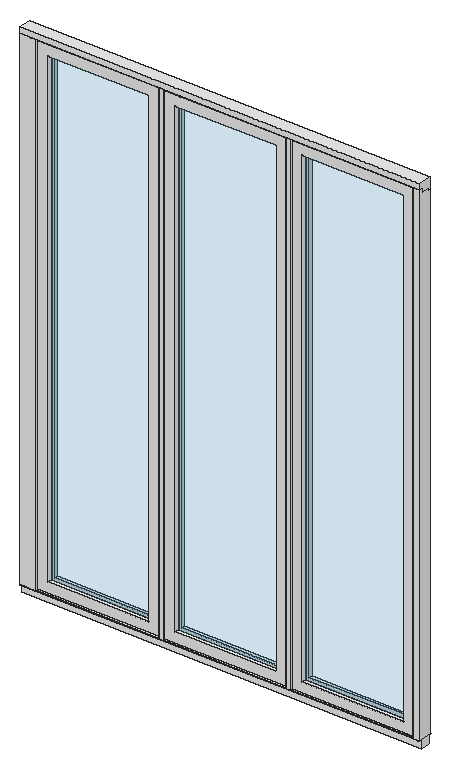
Revit family "Window-NanaWall-SL-73", category Windows, host Wall, Revit 2013 (continued)
Definition of nested family "Sill_SL-73"
  Definition of nested family "Sill_SL73"
    Lines and regions (in)
      detail lines, style "DetailComponents", in view "Ref. Level"
        curve 782: line (0.68397, 2.62213, 0) -> (0.5781, 2.59376, 0)
        curve 783: line (0.55586, 2.56478, 0) -> (0.55586, 2.51002, 0)
        curve 784: line (0.5781, 2.48104, 0) -> (0.68397, 2.45267, 0)
        curve 785: line (0.68397, 2.45267, 0) -> (0.68397, 2.40806, 0)
        curve 786: line (0.68397, 2.40806, 0) -> (0.63597, 2.37445, 0)
        curve 787: line (0.62023, 2.38264, 0) -> (0.62023, 2.40764, 0)
        curve 788: line (0.62023, 2.40764, 0) -> (0.57086, 2.40764, 0)
        curve 789: line (0.57086, 2.40764, 0) -> (0.57086, 2.29102, 0)
        curve 790: line (0.57086, 2.29102, 0) -> (0.66086, 2.29102, 0)
        curve 791: line (0.66086, 2.29102, 0) -> (0.66086, 2.11102, 0)
        curve 792: line (0.66086, 2.11102, 0) -> (0.39662, 2.11102, 0)
        curve 793: line (0.39662, 2.11102, 0) -> (0.33852, 2.16913, 0)
        curve 794: line (-0.93382, 2.61024, 0) -> (-0.8141, 2.63136, 0)
        curve 795: line (-0.82367, 2.68564, 0) -> (-0.94339, 2.66452, 0)
        curve 796: line (-0.83291, 2.87943, 0) -> (-1.11416, 2.82984, 0)
        curve 797: line (-1.11416, 2.82984, 0) -> (-1.14565, 2.77529, 0)
        curve 798: line (-1.14565, 2.77529, 0) -> (-1.06691, 2.77529, 0)
        curve 799: line (-1.06691, 2.77529, 0) -> (-1.06691, 2.67686, 0)
        curve 800: line (-1.06691, 2.67686, 0) -> (-1.09841, 2.67686, 0)
        curve 801: line (-1.09841, 2.67686, 0) -> (-0.85067, 2.20778, 0)
        curve 802: line (-0.79497, 2.2372, 0) -> (-0.9618, 2.55309, 0)
        curve 803: line (-1.06939, 2.69655, 0) -> (-1.06939, 2.73592, 0)
        curve 804: line (-1.06939, 2.73592, 0) -> (-1.06939, 2.69655, 0)
        curve 805: line (-1.06939, 2.47214, 0) -> (-1.06939, 2.4997, 0)
        curve 806: line (-1.06939, 2.4997, 0) -> (-1.06939, 2.47214, 0)
        curve 807: line (-1.1875, 2.48001, 0) -> (-1.1875, 2.71623, 0)
        curve 808: line (-1.1875, 2.71623, 0) -> (-1.10876, 2.71623, 0)
        curve 809: line (-1.10876, 2.71623, 0) -> (-1.10876, 2.67687, 0)
        curve 810: line (-1.10876, 2.67687, 0) -> (-1.08906, 2.67687, 0)
        curve 811: line (-1.08906, 2.67687, 0) -> (-1.10876, 2.67687, 0)
        curve 812: line (-1.10876, 2.67687, 0) -> (-1.10876, 2.71623, 0)
        curve 813: line (-1.10876, 2.71623, 0) -> (-1.1875, 2.71623, 0)
        curve 814: line (-1.1875, 2.71623, 0) -> (-1.1875, 2.48001, 0)
        curve 815: line (-1.1875, 2.48001, 0) -> (-1.10876, 2.48001, 0)
        curve 816: line (-1.10876, 2.48001, 0) -> (-1.10876, 2.51938, 0)
        curve 817: line (-1.10876, 2.51938, 0) -> (-1.08907, 2.51938, 0)
        curve 818: line (-1.08907, 2.51938, 0) -> (-1.10876, 2.51938, 0)
        curve 819: line (-1.10876, 2.51938, 0) -> (-1.10876, 2.48001, 0)
        curve 820: line (-1.10876, 2.48001, 0) -> (-1.1875, 2.48001, 0)
        curve 821: line (-1.40578, 1.95684, 0) -> (-1.40578, 1.98819, 0)
        curve 822: line (-1.40578, 1.98819, 0) -> (-1.40578, 1.95684, 0)
        curve 823: line (-1.47665, 1.98819, 0) -> (-1.47665, 1.97638, 0)
        curve 824: line (-1.47665, 1.97638, 0) -> (-1.47665, 1.98819, 0)
        curve 825: line (-1.51602, 1.93701, 0) -> (-1.51602, 1.92093, 0)
        curve 826: line (-1.51602, 1.92093, 0) -> (-1.51602, 1.93701, 0)
        curve 827: line (-1.63386, 2.70836, 0) -> (-1.63386, 2.09843, 0)
        curve 828: line (-1.63386, 2.09843, 0) -> (-1.63386, 2.70836, 0)
        curve 829: line (-1.63386, 2.70836, 0) -> (-1.22687, 2.70836, 0)
        curve 830: line (-1.22687, 2.70836, 0) -> (-1.22687, 2.47214, 0)
        curve 831: line (-1.22687, 2.47214, 0) -> (-1.22687, 2.70836, 0)
        curve 832: line (-1.22687, 2.70836, 0) -> (-1.63386, 2.70836, 0)
        curve 833: line (-1.08909, 1.84118, 0) -> (-1.08201, 1.87993, 0)
        curve 834: line (-1.08201, 1.87993, 0) -> (-1.08909, 1.84118, 0)
        curve 835: line (-1.12849, 1.88842, 0) -> (-1.13274, 1.86516, 0)
        curve 836: line (-1.13274, 1.86516, 0) -> (-1.38963, 1.93748, 0)
        curve 837: line (-1.38963, 1.93748, 0) -> (-1.13274, 1.86516, 0)
        curve 838: line (-1.13274, 1.86516, 0) -> (-1.12849, 1.88842, 0)
        curve 839: line (-1.7126, 0.47244, 0) -> (-1.7126, 1.98819, 0)
        curve 840: line (-1.7126, 1.98819, 0) -> (-1.7126, 2.77529, 0)
        curve 841: line (-1.7126, 2.77529, 0) -> (-1.10876, 2.77529, 0)
        curve 842: line (-1.10876, 2.77529, 0) -> (-1.7126, 2.77529, 0)
        curve 843: line (-1.7126, 2.77529, 0) -> (-1.7126, 1.98819, 0)
        curve 844: line (-1.7126, 1.98819, 0) -> (-1.67717, 1.98819, 0)
        curve 845: line (-1.67717, 1.98819, 0) -> (-1.7126, 1.98819, 0)
        curve 846: line (-1.65748, 2.00787, 0) -> (-1.49633, 2.00787, 0)
        curve 847: line (-1.49633, 2.00787, 0) -> (-1.65748, 2.00787, 0)
        curve 848: line (-1.49633, 2.07874, 0) -> (-1.61417, 2.07874, 0)
        curve 849: line (-1.61417, 2.07874, 0) -> (-1.49633, 2.07874, 0)
        curve 850: line (-1.1875, 2.43277, 0) -> (-1.10876, 2.43277, 0)
        curve 851: line (-1.10876, 2.43277, 0) -> (-1.1875, 2.43277, 0)
        curve 852: line (-1.49989, 1.9016, 0) -> (-1.1968, 1.82083, 0)
        curve 853: line (-1.1968, 1.82083, 0) -> (-1.49989, 1.9016, 0)
        curve 854: arc (-1.08909, 1.84118, 0) -> (-1.10546, 1.81585, 0) -> (-1.13494, 1.80953, 0) r 0.03937
        curve 855: arc (-1.13494, 1.80953, 0) -> (-1.14063, 1.80841, 0) -> (-1.14401, 1.80369, 0) r 0.00787
        curve 856: arc (0.41339, 0.5315, 0) -> (0.43068, 0.48974, 0) -> (0.47244, 0.47244, 0) r 0.05906
        curve 857: arc (0.79813, 0.78993, 0) -> (0.77785, 0.80549, 0) -> (0.75289, 0.81102, 0) r 0.05906
        curve 858: arc (0.84252, 1.06299, 0) -> (0.94291, 1.05709, 0) -> (1.04331, 1.06299, 0) r 0.8563
        curve 859: arc (0.82489, 1.17568, 0) -> (0.81163, 1.18062, 0) -> (0.80315, 1.16929, 0) r 0.01181
        curve 860: arc (0.80315, 1.06299, 0) -> (0.82045, 1.02123, 0) -> (0.8622, 1.00394, 0) r 0.05906
        curve 861: arc (0.59055, 1.1811, 0) -> (0.58489, 1.17966, 0) -> (0.58062, 1.17568, 0) r 0.01181
        curve 862: arc (0.60236, 1.16929, 0) -> (0.5989, 1.17764, 0) -> (0.59055, 1.1811, 0) r 0.01181
        curve 863: arc (0.54331, 1.00394, 0) -> (0.58507, 1.02123, 0) -> (0.60236, 1.06299, 0) r 0.05906
        curve 864: arc (0.64474, 0.81102, 0) -> (0.61979, 0.80549, 0) -> (0.5995, 0.78993, 0) r 0.05906
        curve 865: arc (0.25591, 1.05512, 0) -> (0.22807, 1.04359, 0) -> (0.21654, 1.01575, 0) r 0.03937
        curve 866: arc (0.21654, 0.98031, 0) -> (0.21999, 0.97196, 0) -> (0.22835, 0.9685, 0) r 0.01181
        curve 867: arc (0.22835, 0.77165, 0) -> (0.21999, 0.76819, 0) -> (0.21654, 0.75984, 0) r 0.01181
        curve 868: arc (0.21654, 0.72441, 0) -> (0.22807, 0.69657, 0) -> (0.25591, 0.68504, 0) r 0.03937
        curve 869: arc (1.04331, 0.47244, 0) -> (0.95279, 0.47835, 0) -> (0.86228, 0.47244, 0) r 0.6966
        curve 870: line (1.04331, 0.47244, 0) -> (1.04331, 1.06299, 0)
        curve 871: line (0.41339, 0.5315, 0) -> (0.41339, 0.68504, 0)
        curve 872: line (0.41339, 0.68504, 0) -> (0.25591, 0.68504, 0)
        curve 873: line (0.86228, 0.47244, 0) -> (0.84646, 0.5315, 0)
        curve 874: line (0.84646, 0.5315, 0) -> (0.98425, 0.5315, 0)
        curve 875: line (0.98425, 0.5315, 0) -> (0.98425, 0.68504, 0)
        curve 876: line (0.98425, 0.68504, 0) -> (0.80906, 0.68504, 0)
        curve 877: line (0.80906, 0.68504, 0) -> (0.75289, 0.75197, 0)
        curve 878: line (0.79813, 0.78993, 0) -> (0.83659, 0.74409, 0)
        curve 879: line (0.83659, 0.74409, 0) -> (0.98425, 0.74409, 0)
        curve 880: line (0.98425, 0.74409, 0) -> (0.98425, 1.00394, 0)
        curve 881: line (0.98425, 1.00394, 0) -> (0.8622, 1.00394, 0)
        curve 882: line (0.84252, 1.06299, 0) -> (0.84252, 1.12992, 0)
        curve 883: line (0.84252, 1.12992, 0) -> (0.85433, 1.12992, 0)
        curve 884: line (0.85433, 1.12992, 0) -> (0.82489, 1.17568, 0)
        curve 885: line (0.80315, 1.16929, 0) -> (0.80315, 1.06299, 0)
        curve 886: line (0.54331, 1.00394, 0) -> (0.47244, 1.00394, 0)
        curve 887: line (0.47244, 1.00394, 0) -> (0.47244, 0.74409, 0)
        curve 888: line (0.47244, 0.74409, 0) -> (0.56104, 0.74409, 0)
        curve 889: line (0.56104, 0.74409, 0) -> (0.5995, 0.78993, 0)
        curve 890: line (0.25591, 1.05512, 0) -> (0.41339, 1.05512, 0)
        curve 891: line (0.41339, 1.05512, 0) -> (0.41339, 1.06299, 0)
        curve 892: line (0.41339, 1.06299, 0) -> (0.56299, 1.06299, 0)
        curve 893: line (0.56299, 1.06299, 0) -> (0.56299, 1.12992, 0)
        curve 894: line (0.56299, 1.12992, 0) -> (0.55118, 1.12992, 0)
        curve 895: line (0.55118, 1.12992, 0) -> (0.58062, 1.17568, 0)
        curve 896: line (0.60236, 1.16929, 0) -> (0.60236, 1.06299, 0)
        curve 897: line (0.47244, 0.47244, 0) -> (0.53536, 0.47244, 0)
        curve 898: line (0.53536, 0.47244, 0) -> (0.55118, 0.5315, 0)
        curve 899: line (0.55118, 0.5315, 0) -> (0.47244, 0.5315, 0)
        curve 900: line (0.47244, 0.5315, 0) -> (0.47244, 0.68504, 0)
        curve 901: line (0.47244, 0.68504, 0) -> (0.58858, 0.68504, 0)
        curve 902: line (0.58858, 0.68504, 0) -> (0.64474, 0.75197, 0)
        curve 903: line (0.64474, 0.75197, 0) -> (0.68518, 0.75197, 0)
        curve 904: line (0.68518, 0.75197, 0) -> (0.69882, 0.75984, 0)
        curve 905: line (0.69882, 0.75984, 0) -> (0.71246, 0.75197, 0)
        curve 906: line (0.71246, 0.75197, 0) -> (0.75289, 0.75197, 0)
        curve 907: line (0.75289, 0.81102, 0) -> (0.64474, 0.81102, 0)
        curve 908: line (0.21654, 1.01575, 0) -> (0.21654, 0.98031, 0)
        curve 909: line (0.21654, 0.72441, 0) -> (0.21654, 0.75984, 0)
        curve 910: line (0.22835, 0.9685, 0) -> (0.25591, 0.9685, 0)
        curve 911: line (0.25591, 0.9685, 0) -> (0.25591, 1.00787, 0)
        curve 912: line (0.25591, 1.00787, 0) -> (0.41339, 1.00787, 0)
        curve 913: line (0.41339, 1.00787, 0) -> (0.41339, 0.73228, 0)
        curve 914: line (0.41339, 0.73228, 0) -> (0.25591, 0.73228, 0)
        curve 915: line (0.25591, 0.73228, 0) -> (0.25591, 0.77165, 0)
        curve 916: line (0.25591, 0.77165, 0) -> (0.22835, 0.77165, 0)
        curve 917: arc (0.89567, 0.55118, 0) -> (0.8899, 0.53726, 0) -> (0.87598, 0.5315, 0) r 0.01969
        curve 918: arc (0.82677, 0.46457, 0) -> (0.79893, 0.4761, 0) -> (0.7874, 0.50394, 0) r 0.03937
        curve 919: arc (0.7874, 0.53543, 0) -> (0.79663, 0.5577, 0) -> (0.8189, 0.56693, 0) r 0.0315
        curve 920: arc (0.87598, 0.65354, 0) -> (0.8899, 0.64778, 0) -> (0.89567, 0.63386, 0) r 0.01969
        curve 921: arc (0.52165, 0.5315, 0) -> (0.50773, 0.53726, 0) -> (0.50197, 0.55118, 0) r 0.01969
        curve 922: arc (0.61024, 0.50394, 0) -> (0.5987, 0.4761, 0) -> (0.57087, 0.46457, 0) r 0.03937
        curve 923: arc (0.57874, 0.56693, 0) -> (0.60101, 0.5577, 0) -> (0.61024, 0.53543, 0) r 0.0315
        curve 924: line (0.87598, 0.65354, 0) -> (0.52165, 0.65354, 0)
        curve 925: line (0.57874, 0.56693, 0) -> (0.55118, 0.56693, 0)
        curve 926: line (0.55118, 0.56693, 0) -> (0.55118, 0.61811, 0)
        curve 927: line (0.55118, 0.61811, 0) -> (0.84646, 0.61811, 0)
        curve 928: line (0.84646, 0.61811, 0) -> (0.84646, 0.56693, 0)
        curve 929: line (0.84646, 0.56693, 0) -> (0.8189, 0.56693, 0)
        curve 930: line (0.89567, 0.63386, 0) -> (0.89567, 0.55118, 0)
        curve 931: line (0.87598, 0.5315, 0) -> (0.83661, 0.5315, 0)
        curve 932: line (0.83661, 0.5315, 0) -> (0.85455, 0.46457, 0)
        curve 933: line (0.85455, 0.46457, 0) -> (0.82677, 0.46457, 0)
        curve 934: line (0.7874, 0.53543, 0) -> (0.7874, 0.50394, 0)
        curve 935: line (0.50197, 0.55118, 0) -> (0.50197, 0.63386, 0)
        curve 936: line (0.57087, 0.46457, 0) -> (0.54309, 0.46457, 0)
        curve 937: line (0.54309, 0.46457, 0) -> (0.56102, 0.5315, 0)
        curve 938: line (0.56102, 0.5315, 0) -> (0.52165, 0.5315, 0)
        curve 939: line (0.61024, 0.50394, 0) -> (0.61024, 0.53543, 0)
        curve 940: arc (0.50197, 0.63386, 0) -> (0.50773, 0.64778, 0) -> (0.52165, 0.65354, 0) r 0.01969
      detail lines, in view "Ref. Level"
        curve 941: line (0.77643, 2.70454, 0) -> (0.61024, 2.70454, 0)
        curve 942: line (0.76772, 2.77559, 0) -> (0.57087, 2.77559, 0)
Definition of nested family "Header_SL-73"
  Parameters (values of type "Header_SL-73")
    half = yes
    system length 1 = 96"
    Height = 120"
    Header = none
    Assembly Code = ""
  Reference planes (in)
    plane 1 "Center (Front/Back)": y = 0
    plane 2: z = 0
    plane 3 "Center (Left/Right)": x = -7.30207
    plane 4 "Left": x = -55.30207
    plane 5 "Right": x = 40.69793
    plane 6 "Top": z = 120
  Forms (in)
    Extrusion 1, solid, material <- "Header"
      sketch origin (-7.30207, -0.03125, 0) x (0, -1, 0) y (0, 0, -1)
        loop
          line (1.54355, -117.44094) -> (1.14985, -117.44094) -> (1.14985, -117.75591) -> (-0.64149, -117.75591) -> (-0.64149, -118.62205) -> (-1.60605, -118.62205) -> (-1.60605, -120) -> (1.54355, -120) -> (1.54355, -117.44094)
      from -48 to 48
  Dimensions and locks (in)
    equal spacing: plane 4 "Left", plane 3 "Center (Left/Right)", plane 5 "Right"
    "system length 1": plane 4 "Left" to plane 5 "Right"
    "Height": plane 6 "Top" to level
    aligned and locked: Extrusion 1 to plane 4 "Left"
    aligned and locked: plane 5 "Right" to Extrusion 1
  Automatic sketch dimensions
    Extrusion 1 sketch curve to plane 6 "Top" = 0"
    Extrusion 1 sketch curve to plane 1 "Center (Front/Back)" = 1.5748"
    Extrusion 1 sketch curve to plane 1 "Center (Front/Back)" = 0.61024"
    plane 1 "Center (Front/Back)" to Extrusion 1 sketch curve = 1.1811"
    plane 1 "Center (Front/Back)" to Extrusion 1 sketch curve = 1.5748"
    Extrusion 1 sketch curve to plane 6 "Top" = 1.37795"
    Extrusion 1 sketch curve to Extrusion 1 sketch curve = 0.86614"
    Extrusion 1 sketch curve to Extrusion 1 sketch curve = 0.31496"
  Nested families (in)
    nested 1: "Head_SL73" at (-55.30207, 0, 118) x (0, 1, 0) z (1, 0, 0), type "Head_SL73"
  Definition of nested family "Head_SL73"
    Parameters (values of type "Head_WD66")
      SmartBIM Object Version = 1  # constant formula
      SmartBIM Object Created By = "Reed Construction Data"  # constant formula
      Hakf = yes
      Assembly Code = ""
      95 CSI = ""
      04 CSI = ""
    Reference planes (in)
      plane 1 "Center (Front/Back)": y = 0
      plane 2: z = 0
      plane 3 "Center (Left/Right)": x = 0
    Lines and regions (in)
      model lines, style "DetailComponents", in view "Ref. Level"
        curve 1: line (0.74016, -2.23228, 0) -> (0.74803, -2.23228, 0)
        curve 2: arc (-0.52059, -1.4619, 0) -> (-0.5315, -1.62205, 0) -> (-0.52059, -1.7822, 0) r 1.1811
        curve 3: arc (0.245, -1.7822, 0) -> (0.25591, -1.62205, 0) -> (0.245, -1.4619, 0) r 1.1811
        curve 4: arc (-0.25591, -1.79921, 0) -> (-0.25523, -1.80431, 0) -> (-0.25327, -1.80906, 0) r 0.01969
        curve 5: arc (-0.52059, -1.7822, 0) -> (-0.51403, -1.79436, 0) -> (-0.50108, -1.79921, 0) r 0.01969
        curve 6: arc (-0.02232, -1.80906, 0) -> (-0.02036, -1.80431, 0) -> (-0.01969, -1.79921, 0) r 0.01969
        curve 7: arc (0.22549, -1.79921, 0) -> (0.23844, -1.79436, 0) -> (0.245, -1.7822, 0) r 0.01969
        curve 8: arc (-0.50108, -1.44488, 0) -> (-0.51403, -1.44973, 0) -> (-0.52059, -1.4619, 0) r 0.01969
        curve 9: arc (0.245, -1.4619, 0) -> (0.23844, -1.44973, 0) -> (0.22549, -1.44488, 0) r 0.01969
        curve 10: line (0.05906, -2.25983, 0) -> (0.27959, -2.36266, 0)
        curve 11: line (-0.50108, -1.79921, 0) -> (0.22549, -1.79921, 0)
        curve 12: line (-0.33465, -2.35827, 0) -> (-0.33465, -1.83858, 0)
        curve 13: line (-0.33465, -1.83858, 0) -> (0.05906, -1.83858, 0)
        curve 14: line (0.05906, -1.83858, 0) -> (0.05906, -2.35827, 0)
        curve 15: line (0.05906, -2.35827, 0) -> (-0.33465, -2.35827, 0)
        curve 16: line (-0.33465, -2.35827, 0) -> (-0.38583, -2.37402, 0)
        curve 17: line (-0.38583, -2.37402, 0) -> (0.10842, -2.37402, 0)
        curve 18: line (0.10842, -2.37402, 0) -> (0.05906, -2.35827, 0)
        curve 19: line (-0.46398, -2.31463, 0) -> (-0.33465, -2.25432, 0)
        curve 20: line (-0.25327, -1.80906, 0) -> (-0.23622, -1.83858, 0)
        curve 21: line (-0.02232, -1.80906, 0) -> (-0.03937, -1.83858, 0)
        curve 22: line (-0.50108, -1.44488, 0) -> (0.22549, -1.44488, 0)
        curve 23: arc (0.84252, -2.00394, 0) -> (0.83675, -1.99002, 0) -> (0.82283, -1.98425, 0) r 0.01969
        curve 24: arc (0.82283, -2.11811, 0) -> (0.83675, -2.11234, 0) -> (0.84252, -2.09843, 0) r 0.01969
        curve 25: arc (0.76378, -2.09843, 0) -> (0.76955, -2.11234, 0) -> (0.78346, -2.11811, 0) r 0.01969
        curve 26: arc (0.75394, -2.14961, 0) -> (0.74976, -2.15134, 0) -> (0.74803, -2.15551, 0) r 0.00591
        curve 27: arc (0.70079, -2.19291, 0) -> (0.71232, -2.22075, 0) -> (0.74016, -2.23228, 0) r 0.03937
        curve 28: arc (0.79826, -2.17467, 0) -> (0.79863, -2.18428, 0) -> (0.80703, -2.18898, 0) r 0.00984
        curve 29: arc (0.63848, -1.70686, 0) -> (0.61284, -1.83193, 0) -> (0.61468, -1.95958, 0) r 0.59055
        curve 30: arc (0.68154, -1.72742, 0) -> (0.65958, -1.83955, 0) -> (0.66157, -1.9538, 0) r 0.54331
        curve 31: arc (0.81881, -1.83251, 0) -> (0.79751, -1.74618, 0) -> (0.74243, -1.67638, 0) r 0.21027
        curve 32: arc (0.61468, -1.95958, 0) -> (0.64101, -1.98014, 0) -> (0.66157, -1.9538, 0) r 0.02362
        curve 33: arc (0.74803, -1.94685, 0) -> (0.74976, -1.95103, 0) -> (0.75394, -1.95276, 0) r 0.00591
        curve 34: arc (0.78346, -1.98425, 0) -> (0.76955, -1.99002, 0) -> (0.76378, -2.00394, 0) r 0.01969
        curve 35: arc (0.75394, -1.83858, 0) -> (0.74976, -1.84031, 0) -> (0.74803, -1.84449, 0) r 0.00591
        curve 36: arc (0.81565, -1.91339, 0) -> (0.80726, -1.91809, 0) -> (0.80688, -1.9277, 0) r 0.00984
        curve 37: arc (0.81291, -1.83858, 0) -> (0.81714, -1.83679, 0) -> (0.81881, -1.83251, 0) r 0.00591
        curve 38: arc (0.74243, -1.67638, 0) -> (0.68237, -1.66406, 0) -> (0.63848, -1.70686, 0) r 0.06544
        curve 39: arc (0.70079, -1.73031, 0) -> (0.69241, -1.72058, 0) -> (0.68154, -1.72742, 0) r 0.00984
        curve 40: arc (-0.82916, -0.65199, 0) -> (-0.7874, -0.66929, 0) -> (-0.74564, -0.65199, 0) r 0.05906
        curve 41: arc (-0.65748, -0.42126, 0) -> (-0.62992, -0.3937, 0) -> (-0.60236, -0.42126, 0) r 0.02756
        curve 42: arc (-0.81496, -0.91325, 0) -> (-0.83367, -0.87013, 0) -> (-0.87795, -0.85433, 0) r 0.05906
        curve 43: arc (-0.87795, -0.65073, 0) -> (-0.8658, -0.63254, 0) -> (-0.84435, -0.63681, 0) r 0.01969
        curve 44: arc (0.13806, -0.14138, 0) -> (0.14266, -0.14661, 0) -> (0.14961, -0.14616, 0) r 0.00787
        curve 45: arc (0.24409, -0.09161, 0) -> (0.25197, -0.09161, 0) -> (0.25591, -0.09843, 0) r 0.00787
        curve 46: arc (0.25591, -0.27953, 0) -> (0.25197, -0.28635, 0) -> (0.24409, -0.28635, 0) r 0.00787
        curve 47: arc (0.14961, -0.23179, 0) -> (0.14173, -0.23179, 0) -> (0.1378, -0.23861, 0) r 0.00787
        curve 48: arc (0.1378, -0.29317, 0) -> (0.14307, -0.31285, 0) -> (0.15748, -0.32726, 0) r 0.03937
        curve 49: arc (0.15748, -0.68849, 0) -> (0.14307, -0.7029, 0) -> (0.1378, -0.72258, 0) r 0.03937
        curve 50: arc (0.1378, -0.77714, 0) -> (0.14173, -0.78395, 0) -> (0.14961, -0.78395, 0) r 0.00787
        curve 51: arc (0.24409, -0.7294, 0) -> (0.25197, -0.7294, 0) -> (0.25591, -0.73622, 0) r 0.00787
        curve 52: arc (0.25591, -0.91732, 0) -> (0.25197, -0.92414, 0) -> (0.24409, -0.92414, 0) r 0.00787
        curve 53: arc (0.14961, -0.86959, 0) -> (0.14266, -0.86913, 0) -> (0.13806, -0.87437, 0) r 0.00787
        curve 54: arc (0.11526, -0.95947, 0) -> (0.11866, -0.97655, 0) -> (0.13427, -0.98425, 0) r 0.01969
        curve 55: arc (0.25591, -1.77559, 0) -> (0.29134, -1.81102, 0) -> (0.32677, -1.77559, 0) r 0.03543
        curve 56: arc (0.39438, -1.56446, 0) -> (0.39828, -1.57185, 0) -> (0.4061, -1.5748, 0) r 0.01181
        curve 57: arc (0.46005, -1.5748, 0) -> (0.46786, -1.57185, 0) -> (0.47177, -1.56446, 0) r 0.01181
        curve 58: arc (0.53937, -1.88189, 0) -> (0.53366, -1.88621, 0) -> (0.5315, -1.89303, 0) r 0.01181
        curve 59: arc (0.5315, -1.91732, 0) -> (0.53496, -1.92567, 0) -> (0.54331, -1.92913, 0) r 0.01181
        curve 60: arc (0.57087, -1.92913, 0) -> (0.5987, -1.9176, 0) -> (0.61024, -1.88976, 0) r 0.03937
        curve 61: arc (0.82908, -0.45045, 0) -> (0.82677, -0.45602, 0) -> (0.82908, -0.46159, 0) r 0.00787
        curve 62: arc (0.74573, -0.46159, 0) -> (0.74803, -0.45602, 0) -> (0.74573, -0.45045, 0) r 0.00787
        curve 63: arc (0.2874, 0, 0) -> (0.26513, -0.00922, 0) -> (0.25591, -0.0315, 0) r 0.0315
        curve 64: arc (0.13427, -0.0315, 0) -> (0.11866, -0.0392, 0) -> (0.11526, -0.05628, 0) r 0.01969
        curve 65: arc (0.74564, -0.65199, 0) -> (0.7874, -0.66929, 0) -> (0.82916, -0.65199, 0) r 0.05906
        curve 66: arc (0.84435, -0.63681, 0) -> (0.8658, -0.63254, 0) -> (0.87795, -0.65073, 0) r 0.01969
        curve 67: arc (0.87795, -0.85433, 0) -> (0.89525, -0.89609, 0) -> (0.93701, -0.91339, 0) r 0.05906
        curve 68: arc (0.97638, -0.91339, 0) -> (1.00422, -0.90185, 0) -> (1.01575, -0.87402, 0) r 0.03937
        curve 69: arc (1.41732, -0.87402, 0) -> (1.42885, -0.90185, 0) -> (1.45669, -0.91339, 0) r 0.03937
        curve 70: arc (1.00394, -1.11024, 0) -> (0.95383, -1.13099, 0) -> (0.93307, -1.1811, 0) r 0.07087
        curve 71: arc (0.61024, -1.30709, 0) -> (0.56013, -1.32784, 0) -> (0.53937, -1.37795, 0) r 0.07087
        curve 72: arc (-0.41591, -0.14961, 0) -> (-0.40606, -0.14697, 0) -> (-0.39886, -0.13976, 0) r 0.01969
        curve 73: arc (0.12327, -0.13976, 0) -> (0.13047, -0.14697, 0) -> (0.14032, -0.14961, 0) r 0.01969
        curve 74: arc (-0.26645, -0.09941, 0) -> (-0.28614, -0.10468, 0) -> (-0.30055, -0.11909, 0) r 0.03937
        curve 75: arc (0.02496, -0.11909, 0) -> (0.01055, -0.10468, 0) -> (-0.00914, -0.09941, 0) r 0.03937
        curve 76: arc (0.25591, -0.11319, 0) -> (0.2536, -0.10762, 0) -> (0.24803, -0.10531, 0) r 0.00787
        curve 77: arc (0.24803, -0.27264, 0) -> (0.2536, -0.27033, 0) -> (0.25591, -0.26476, 0) r 0.00787
        curve 78: arc (0.07667, -0.20866, 0) -> (0.09108, -0.22307, 0) -> (0.11077, -0.22835, 0) r 0.03937
        curve 79: arc (-0.38636, -0.22835, 0) -> (-0.36667, -0.22307, 0) -> (-0.35226, -0.20866, 0) r 0.03937
        curve 80: arc (-0.5315, -0.26476, 0) -> (-0.52919, -0.27033, 0) -> (-0.52362, -0.27264, 0) r 0.00787
        curve 81: arc (-0.52362, -0.10531, 0) -> (-0.52919, -0.10762, 0) -> (-0.5315, -0.11319, 0) r 0.00787
        curve 82: arc (0.06474, -0.03839, 0) -> (0.05753, -0.03118, 0) -> (0.04769, -0.02854, 0) r 0.01969
        curve 83: arc (-0.32328, -0.02854, 0) -> (-0.33312, -0.03118, 0) -> (-0.34033, -0.03839, 0) r 0.01969
        curve 84: arc (0.14032, -0.86614, 0) -> (0.13047, -0.86878, 0) -> (0.12327, -0.87598, 0) r 0.01969
        curve 85: arc (-0.39886, -0.87598, 0) -> (-0.40606, -0.86878, 0) -> (-0.41591, -0.86614, 0) r 0.01969
        curve 86: arc (-0.00914, -0.91634, 0) -> (0.01055, -0.91106, 0) -> (0.02496, -0.89665, 0) r 0.03937
        curve 87: arc (-0.30055, -0.89665, 0) -> (-0.28614, -0.91106, 0) -> (-0.26645, -0.91634, 0) r 0.03937
        curve 88: arc (-0.5315, -0.90256, 0) -> (-0.52919, -0.90813, 0) -> (-0.52362, -0.91043, 0) r 0.00787
        curve 89: arc (-0.52362, -0.74311, 0) -> (-0.52919, -0.74542, 0) -> (-0.5315, -0.75098, 0) r 0.00787
        curve 90: arc (-0.35226, -0.80709, 0) -> (-0.36667, -0.79268, 0) -> (-0.38636, -0.7874, 0) r 0.03937
        curve 91: arc (0.11077, -0.7874, 0) -> (0.09108, -0.79268, 0) -> (0.07667, -0.80709, 0) r 0.03937
        curve 92: arc (0.25591, -0.75098, 0) -> (0.2536, -0.74542, 0) -> (0.24803, -0.74311, 0) r 0.00787
        curve 93: arc (0.24803, -0.91043, 0) -> (0.2536, -0.90813, 0) -> (0.25591, -0.90256, 0) r 0.00787
        curve 94: arc (-0.34033, -0.97736, 0) -> (-0.33312, -0.98457, 0) -> (-0.32328, -0.9872, 0) r 0.01969
        curve 95: arc (0.04769, -0.9872, 0) -> (0.05753, -0.98457, 0) -> (0.06474, -0.97736, 0) r 0.01969
        curve 96: arc (-0.74573, -0.46159, 0) -> (-0.74803, -0.45602, 0) -> (-0.74573, -0.45045, 0) r 0.00787
        curve 97: arc (-0.56299, 0, 0) -> (-0.54072, -0.00922, 0) -> (-0.5315, -0.0315, 0) r 0.0315
        curve 98: arc (-0.40987, -0.0315, 0) -> (-0.39425, -0.0392, 0) -> (-0.39085, -0.05628, 0) r 0.01969
        curve 99: arc (-0.41365, -0.14138, 0) -> (-0.41825, -0.14661, 0) -> (-0.4252, -0.14616, 0) r 0.00787
        curve 100: arc (-0.51969, -0.09161, 0) -> (-0.52756, -0.09161, 0) -> (-0.5315, -0.09843, 0) r 0.00787
        curve 101: arc (-0.5315, -0.27953, 0) -> (-0.52756, -0.28635, 0) -> (-0.51969, -0.28635, 0) r 0.00787
        curve 102: arc (-0.4252, -0.23179, 0) -> (-0.41732, -0.23179, 0) -> (-0.41339, -0.23861, 0) r 0.00787
        curve 103: arc (-0.41339, -0.29317, 0) -> (-0.41866, -0.31285, 0) -> (-0.43307, -0.32726, 0) r 0.03937
        curve 104: arc (-0.43307, -0.68849, 0) -> (-0.41866, -0.7029, 0) -> (-0.41339, -0.72258, 0) r 0.03937
        curve 105: arc (-0.41339, -0.77714, 0) -> (-0.41732, -0.78395, 0) -> (-0.4252, -0.78395, 0) r 0.00787
        curve 106: arc (-0.51969, -0.7294, 0) -> (-0.52756, -0.7294, 0) -> (-0.5315, -0.73622, 0) r 0.00787
        curve 107: arc (-0.5315, -0.91732, 0) -> (-0.52756, -0.92414, 0) -> (-0.51969, -0.92414, 0) r 0.00787
        curve 108: arc (-0.4252, -0.86959, 0) -> (-0.41825, -0.86913, 0) -> (-0.41365, -0.87437, 0) r 0.00787
        curve 109: arc (-0.39085, -0.95947, 0) -> (-0.39425, -0.97655, 0) -> (-0.40987, -0.98425, 0) r 0.01969
        curve 110: arc (-0.5315, -1.77559, 0) -> (-0.56693, -1.81102, 0) -> (-0.60236, -1.77559, 0) r 0.03543
        curve 111: arc (-0.66997, -1.56446, 0) -> (-0.67387, -1.57185, 0) -> (-0.68169, -1.5748, 0) r 0.01181
        curve 112: arc (-0.73564, -1.5748, 0) -> (-0.74345, -1.57185, 0) -> (-0.74736, -1.56446, 0) r 0.01181
        curve 113: arc (-0.81496, -1.88189, 0) -> (-0.80925, -1.88621, 0) -> (-0.80709, -1.89303, 0) r 0.01181
        curve 114: arc (-0.80709, -1.91732, 0) -> (-0.81055, -1.92567, 0) -> (-0.8189, -1.92913, 0) r 0.01181
        curve 115: arc (-0.84646, -1.92913, 0) -> (-0.8743, -1.9176, 0) -> (-0.88583, -1.88976, 0) r 0.03937
        curve 116: arc (-1.42913, -1.91732, 0) -> (-1.38738, -1.93462, 0) -> (-1.37008, -1.97638, 0) r 0.05906
        curve 117: arc (-1.49606, -2.3622, 0) -> (-1.46555, -2.44144, 0) -> (-1.38976, -2.47972, 0) r 0.11811
        curve 118: arc (-1.38976, -2.32283, 0) -> (-1.37247, -2.28108, 0) -> (-1.33071, -2.26378, 0) r 0.05906
        curve 119: arc (-1.27953, -2.26378, 0) -> (-1.25169, -2.27531, 0) -> (-1.24016, -2.30315, 0) r 0.03937
        curve 120: arc (-1.24016, -2.33071, 0) -> (-1.24592, -2.34463, 0) -> (-1.25984, -2.35039, 0) r 0.01969
        curve 121: arc (-1.25984, -2.47244, 0) -> (-1.24592, -2.47821, 0) -> (-1.24016, -2.49213, 0) r 0.01969
        curve 122: arc (-1.37795, -2.55906, 0) -> (-1.51715, -2.5014, 0) -> (-1.5748, -2.3622, 0) r 0.19685
        curve 123: arc (-0.82908, -0.45045, 0) -> (-0.82677, -0.45602, 0) -> (-0.82908, -0.46159, 0) r 0.00787
        curve 124: arc (0.39764, -3.08745, 0) -> (0.40877, -3.08284, 0) -> (0.41339, -3.0717, 0) r 0.01575
        curve 125: arc (0.31942, -3.05047, 0) -> (0.30802, -3.04575, 0) -> (0.2958, -3.04414, 0) r 0.04724
        curve 126: arc (-0.41391, -3.04414, 0) -> (-0.42613, -3.04575, 0) -> (-0.43753, -3.05047, 0) r 0.04724
        curve 127: arc (-0.5315, -3.0717, 0) -> (-0.52688, -3.08284, 0) -> (-0.51575, -3.08745, 0) r 0.01575
        curve 128: arc (-0.51575, -2.9221, 0) -> (-0.52688, -2.92671, 0) -> (-0.5315, -2.93784, 0) r 0.01575
        curve 129: arc (-0.43753, -2.95907, 0) -> (-0.42613, -2.96379, 0) -> (-0.41391, -2.9654, 0) r 0.04724
        curve 130: arc (0.2958, -2.9654, 0) -> (0.30802, -2.96379, 0) -> (0.31942, -2.95907, 0) r 0.04724
        curve 131: arc (0.41339, -2.93784, 0) -> (0.40877, -2.92671, 0) -> (0.39764, -2.9221, 0) r 0.01575
        curve 132: arc (0.39764, -2.49129, 0) -> (0.40877, -2.48668, 0) -> (0.41339, -2.47554, 0) r 0.01575
        curve 133: arc (0.31942, -2.45431, 0) -> (0.30802, -2.44959, 0) -> (0.2958, -2.44798, 0) r 0.04724
        curve 134: arc (-0.41391, -2.44798, 0) -> (-0.42613, -2.44959, 0) -> (-0.43753, -2.45431, 0) r 0.04724
        curve 135: arc (-0.5315, -2.47554, 0) -> (-0.52688, -2.48668, 0) -> (-0.51575, -2.49129, 0) r 0.01575
        curve 136: arc (-0.51575, -2.32594, 0) -> (-0.52688, -2.33055, 0) -> (-0.5315, -2.34168, 0) r 0.01575
        curve 137: arc (-0.43753, -2.36291, 0) -> (-0.42613, -2.36763, 0) -> (-0.41391, -2.36924, 0) r 0.04724
        curve 138: arc (0.2958, -2.36924, 0) -> (0.30802, -2.36763, 0) -> (0.31942, -2.36291, 0) r 0.04724
        curve 139: arc (0.41339, -2.34168, 0) -> (0.40877, -2.33055, 0) -> (0.39764, -2.32594, 0) r 0.01575
        curve 140: arc (-0.43307, -2.90551, 0) -> (-0.45267, -2.85819, 0) -> (-0.5, -2.83858, 0) r 0.06693
        curve 141: arc (-0.44882, -2.94801, 0) -> (-0.44094, -2.95588, 0) -> (-0.43307, -2.94801, 0) r 0.00787
        curve 142: arc (-0.5315, -3.1063, 0) -> (-0.50564, -3.10867, 0) -> (-0.48587, -3.09184, 0) r 0.03346
        curve 143: arc (-0.4735, -3.07875, 0) -> (-0.48064, -3.08439, 0) -> (-0.48587, -3.09184, 0) r 0.0315
        curve 144: arc (-0.45179, -3.05855, 0) -> (-0.45267, -3.06236, 0) -> (-0.45162, -3.06612, 0) r 0.00787
        curve 145: arc (-0.44429, -3.05432, 0) -> (-0.44867, -3.05532, 0) -> (-0.45179, -3.05855, 0) r 0.00787
        curve 146: arc (-0.43719, -3.06014, 0) -> (-0.43981, -3.05609, 0) -> (-0.44429, -3.05432, 0) r 0.00787
        curve 147: arc (-0.42243, -3.11524, 0) -> (-0.41821, -3.12155, 0) -> (-0.41102, -3.12399, 0) r 0.01181
        curve 148: arc (-0.38583, -3.16336, 0) -> (-0.36356, -3.15414, 0) -> (-0.35433, -3.13187, 0) r 0.0315
        curve 149: arc (-0.39173, -3.16336, 0) -> (-0.39625, -3.16426, 0) -> (-0.40008, -3.16682, 0) r 0.01181
        curve 150: arc (-0.41407, -3.17683, 0) -> (-0.41069, -3.17639, 0) -> (-0.40782, -3.17456, 0) r 0.00787
        curve 151: arc (-0.51191, -3.16827, 0) -> (-0.52041, -3.16538, 0) -> (-0.52849, -3.16929, 0) r 0.01181
        curve 152: arc (-0.6811, -3.11024, 0) -> (-0.68735, -3.11332, 0) -> (-0.68871, -3.12015, 0) r 0.00787
        curve 153: arc (-1.11024, -3.6811, 0) -> (-1.05332, -3.82275, 0) -> (-0.91422, -3.88564, 0) r 0.20472
        curve 154: arc (-0.91422, -3.88564, 0) -> (-0.89977, -3.88019, 0) -> (-0.8937, -3.86597, 0) r 0.01969
        curve 155: arc (-0.83465, -3.49213, 0) -> (-0.8764, -3.50942, 0) -> (-0.8937, -3.55118, 0) r 0.05906
        curve 156: arc (-0.70866, -3.53937, 0) -> (-0.7225, -3.50596, 0) -> (-0.75591, -3.49213, 0) r 0.04724
        curve 157: arc (-1.1811, -3.6811, 0) -> (-1.10038, -3.87597, 0) -> (-0.90551, -3.95669, 0) r 0.27559
        curve 158: arc (-1.1811, -2.24409, 0) -> (-1.0894, -2.25, 0) -> (-0.99769, -2.24409, 0) r 0.71502
        curve 159: arc (-0.99213, -2.30315, 0) -> (-0.98588, -2.30007, 0) -> (-0.98452, -2.29324, 0) r 0.00787
        curve 160: arc (-0.68871, -2.29324, 0) -> (-0.68735, -2.30007, 0) -> (-0.6811, -2.30315, 0) r 0.00787
        curve 161: arc (-0.52849, -2.24409, 0) -> (-0.52041, -2.24801, 0) -> (-0.51191, -2.24511, 0) r 0.01181
        curve 162: arc (-0.40782, -2.23883, 0) -> (-0.41069, -2.237, 0) -> (-0.41407, -2.23655, 0) r 0.00787
        curve 163: arc (-0.40008, -2.24656, 0) -> (-0.39625, -2.24912, 0) -> (-0.39173, -2.25002, 0) r 0.01181
        curve 164: arc (-0.35433, -2.28152, 0) -> (-0.36356, -2.25925, 0) -> (-0.38583, -2.25002, 0) r 0.0315
        curve 165: arc (-0.40996, -2.28944, 0) -> (-0.41779, -2.29152, 0) -> (-0.42243, -2.29815, 0) r 0.01181
        curve 166: arc (-0.44429, -2.35906, 0) -> (-0.43981, -2.35729, 0) -> (-0.43719, -2.35324, 0) r 0.00787
        curve 167: arc (-0.45179, -2.35484, 0) -> (-0.44867, -2.35806, 0) -> (-0.44429, -2.35906, 0) r 0.00787
        curve 168: arc (-0.45162, -2.34727, 0) -> (-0.45267, -2.35103, 0) -> (-0.45179, -2.35484, 0) r 0.00787
        curve 169: arc (-0.48587, -2.32154, 0) -> (-0.48064, -2.32899, 0) -> (-0.4735, -2.33464, 0) r 0.0315
        curve 170: arc (-0.48587, -2.32154, 0) -> (-0.50564, -2.30471, 0) -> (-0.5315, -2.30709, 0) r 0.03346
        curve 171: arc (-0.43307, -2.46538, 0) -> (-0.44094, -2.4575, 0) -> (-0.44882, -2.46538, 0) r 0.00787
        curve 172: arc (-0.5, -2.5748, 0) -> (-0.45267, -2.5552, 0) -> (-0.43307, -2.50787, 0) r 0.06693
        curve 173: arc (0.41339, -2.30709, 0) -> (0.38753, -2.30471, 0) -> (0.36776, -2.32154, 0) r 0.03346
        curve 174: arc (0.35538, -2.33464, 0) -> (0.36253, -2.32899, 0) -> (0.36776, -2.32154, 0) r 0.0315
        curve 175: arc (0.31908, -2.35324, 0) -> (0.3218, -2.35737, 0) -> (0.32644, -2.35907, 0) r 0.00787
        curve 176: arc (0.32644, -2.35907, 0) -> (0.33077, -2.35794, 0) -> (0.33379, -2.35462, 0) r 0.00787
        curve 177: arc (0.33379, -2.35462, 0) -> (0.33456, -2.35091, 0) -> (0.33351, -2.34727, 0) r 0.00787
        curve 178: arc (0.30432, -2.29815, 0) -> (0.3001, -2.29183, 0) -> (0.29291, -2.28939, 0) r 0.01181
        curve 179: arc (0.26772, -2.25002, 0) -> (0.24545, -2.25925, 0) -> (0.23622, -2.28152, 0) r 0.0315
        curve 180: arc (0.27362, -2.25002, 0) -> (0.27814, -2.24912, 0) -> (0.28197, -2.24656, 0) r 0.01181
        curve 181: arc (0.29596, -2.23655, 0) -> (0.29258, -2.237, 0) -> (0.28971, -2.23883, 0) r 0.00787
        curve 182: arc (0.3938, -2.24511, 0) -> (0.4023, -2.24801, 0) -> (0.41038, -2.24409, 0) r 0.01181
        curve 183: arc (0.49213, -2.28346, 0) -> (0.48059, -2.25563, 0) -> (0.45276, -2.24409, 0) r 0.03937
        curve 184: arc (0.76772, -2.14961, 0) -> (0.7538, -2.15537, 0) -> (0.74803, -2.16929, 0) r 0.01969
        curve 185: arc (0.74803, -1.93307, 0) -> (0.7538, -1.94699, 0) -> (0.76772, -1.95276, 0) r 0.01969
        curve 186: arc (0.7874, -1.84646, 0) -> (0.75956, -1.85799, 0) -> (0.74803, -1.88583, 0) r 0.03937
        curve 187: arc (0.98082, -1.66128, 0) -> (0.95523, -1.6739, 0) -> (0.94488, -1.7005, 0) r 0.03937
        curve 188: arc (1.0748, -1.7126, 0) -> (1.08105, -1.70952, 0) -> (1.08241, -1.70269, 0) r 0.00787
        curve 189: arc (1.37822, -1.70269, 0) -> (1.37958, -1.70952, 0) -> (1.38583, -1.7126, 0) r 0.00787
        curve 190: arc (1.39139, -1.65354, 0) -> (1.4831, -1.65945, 0) -> (1.5748, -1.65354, 0) r 0.71502
        curve 191: arc (0.81496, -3.11024, 0) -> (0.80871, -3.11332, 0) -> (0.80735, -3.12015, 0) r 0.00787
        curve 192: arc (0.5706, -3.12015, 0) -> (0.56924, -3.11332, 0) -> (0.56299, -3.11024, 0) r 0.00787
        curve 193: arc (0.41038, -3.16929, 0) -> (0.4023, -3.16538, 0) -> (0.3938, -3.16827, 0) r 0.01181
        curve 194: arc (0.28971, -3.17456, 0) -> (0.29258, -3.17639, 0) -> (0.29596, -3.17683, 0) r 0.00787
        curve 195: arc (0.28197, -3.16682, 0) -> (0.27814, -3.16426, 0) -> (0.27362, -3.16336, 0) r 0.01181
        curve 196: arc (0.23622, -3.13187, 0) -> (0.24545, -3.15414, 0) -> (0.26772, -3.16336, 0) r 0.0315
        curve 197: arc (0.29291, -3.12399, 0) -> (0.3001, -3.12155, 0) -> (0.30432, -3.11524, 0) r 0.01181
        curve 198: arc (0.32644, -3.05431, 0) -> (0.3218, -3.05601, 0) -> (0.31908, -3.06014, 0) r 0.00787
        curve 199: arc (0.33379, -3.05877, 0) -> (0.33077, -3.05545, 0) -> (0.32644, -3.05431, 0) r 0.00787
        curve 200: arc (0.33351, -3.06612, 0) -> (0.33456, -3.06248, 0) -> (0.33379, -3.05877, 0) r 0.00787
        curve 201: arc (0.36776, -3.09184, 0) -> (0.36253, -3.08439, 0) -> (0.35538, -3.07875, 0) r 0.0315
        curve 202: arc (0.36776, -3.09184, 0) -> (0.38753, -3.10867, 0) -> (0.41339, -3.1063, 0) r 0.03346
        curve 203: arc (0.32677, -2.95483, 0) -> (0.32965, -2.95195, 0) -> (0.33071, -2.94801, 0) r 0.00787
        curve 204: arc (0.31496, -2.94801, 0) -> (0.3189, -2.95483, 0) -> (0.32677, -2.95483, 0) r 0.00787
        curve 205: arc (0.38189, -2.83858, 0) -> (0.33456, -2.85819, 0) -> (0.31496, -2.90551, 0) r 0.06693
        curve 206: arc (0.31496, -2.50787, 0) -> (0.33456, -2.5552, 0) -> (0.38189, -2.5748, 0) r 0.06693
        curve 207: arc (0.33071, -2.46538, 0) -> (0.32965, -2.46144, 0) -> (0.32677, -2.45856, 0) r 0.00787
        curve 208: arc (0.32677, -2.45856, 0) -> (0.3189, -2.45856, 0) -> (0.31496, -2.46538, 0) r 0.00787
        curve 209: arc (1.46457, -2.43701, 0) -> (1.43673, -2.44854, 0) -> (1.4252, -2.47638, 0) r 0.03937
        curve 210: arc (0.94488, -2.25591, 0) -> (0.99221, -2.2363, 0) -> (1.01181, -2.18898, 0) r 0.06693
        curve 211: arc (0.74803, -2.50394, 0) -> (0.79536, -2.48433, 0) -> (0.81496, -2.43701, 0) r 0.06693
        curve 212: arc (-1.1811, -2.24409, 0) -> (-1.0894, -2.25, 0) -> (-0.99769, -2.24409, 0) r 0.71502
        curve 213: arc (-1.33071, -2.26378, 0) -> (-1.37247, -2.28108, 0) -> (-1.38976, -2.32283, 0) r 0.05906
        curve 214: arc (-1.24016, -2.30315, 0) -> (-1.25169, -2.27531, 0) -> (-1.27953, -2.26378, 0) r 0.03937
        curve 215: arc (-1.25984, -2.35039, 0) -> (-1.24592, -2.34463, 0) -> (-1.24016, -2.33071, 0) r 0.01969
        curve 216: arc (-1.24016, -2.49213, 0) -> (-1.24592, -2.47821, 0) -> (-1.25984, -2.47244, 0) r 0.01969
        curve 217: arc (-0.70866, -3.53937, 0) -> (-0.7225, -3.50596, 0) -> (-0.75591, -3.49213, 0) r 0.04724
        curve 218: arc (-0.47631, -3.35023, 0) -> (-0.47192, -3.36084, 0) -> (-0.47631, -3.37145, 0) r 0.015
        curve 219: arc (-0.53003, -3.42516, 0) -> (-0.53442, -3.43576, 0) -> (-0.53003, -3.44637, 0) r 0.015
        curve 220: arc (-0.47631, -3.50008, 0) -> (-0.47192, -3.51069, 0) -> (-0.47631, -3.5213, 0) r 0.015
        curve 221: arc (-0.53003, -3.57501, 0) -> (-0.53442, -3.58562, 0) -> (-0.53003, -3.59622, 0) r 0.015
        curve 222: arc (-0.47631, -3.64994, 0) -> (-0.47192, -3.66054, 0) -> (-0.47631, -3.67115, 0) r 0.015
        curve 223: arc (-0.53003, -3.72486, 0) -> (-0.53442, -3.73547, 0) -> (-0.53003, -3.74608, 0) r 0.015
        curve 224: arc (-0.47631, -3.79979, 0) -> (-0.47192, -3.8104, 0) -> (-0.47631, -3.821, 0) r 0.015
        curve 225: arc (-0.53003, -3.87472, 0) -> (-0.53442, -3.88532, 0) -> (-0.53003, -3.89593, 0) r 0.015
        curve 226: arc (-0.47631, -3.94964, 0) -> (-0.47192, -3.96025, 0) -> (-0.47631, -3.97086, 0) r 0.015
        curve 227: arc (-0.53003, -4.02457, 0) -> (-0.53442, -4.03518, 0) -> (-0.53003, -4.04578, 0) r 0.015
        curve 228: arc (-0.46131, -4.1145, 0) -> (-0.45901, -4.13275, 0) -> (-0.47613, -4.1395, 0) r 0.015
        curve 229: arc (-0.78693, -4.05038, 0) -> (-0.80262, -4.0396, 0) -> (-0.80866, -4.02154, 0) r 0.03
        curve 230: arc (-0.75803, -3.87327, 0) -> (-0.76341, -3.88214, 0) -> (-0.77376, -3.88146, 0) r 0.01
        curve 231: arc (-0.71589, -3.77486, 0) -> (-0.69986, -3.76414, 0) -> (-0.69366, -3.74588, 0) r 0.03
        curve 232: arc (-0.69366, -3.69112, 0) -> (-0.69986, -3.67286, 0) -> (-0.71589, -3.66215, 0) r 0.03
        curve 233: arc (-0.77376, -3.55555, 0) -> (-0.76341, -3.55487, 0) -> (-0.75803, -3.56374, 0) r 0.01
        curve 234: arc (0.79603, -3.79135, 0) -> (0.82455, -3.76988, 0) -> (0.824, -3.73419, 0) r 0.03937
        curve 235: arc (0.68534, -3.99039, 0) -> (0.77537, -3.95011, 0) -> (0.82378, -3.86418, 0) r 0.15748
        curve 236: arc (0.82378, -3.86418, 0) -> (0.81958, -3.85011, 0) -> (0.8056, -3.84563, 0) r 0.01575
        curve 237: arc (0.68534, -3.99039, 0) -> (0.65387, -4.03053, 0) -> (0.69511, -4.06054, 0) r 0.03543
        curve 238: arc (0.6763, -3.81246, 0) -> (0.65395, -3.84438, 0) -> (0.68587, -3.86674, 0) r 0.02756
        curve 239: arc (0.71287, -3.38888, 0) -> (0.67031, -3.37574, 0) -> (0.65717, -3.4183, 0) r 0.0315
        curve 240: arc (1.47638, -3.25984, 0) -> (1.4903, -3.26561, 0) -> (1.49606, -3.27953, 0) r 0.01969
        curve 241: arc (1.35854, -3.25984, 0) -> (1.29451, -3.23332, 0) -> (1.26799, -3.16929, 0) r 0.09055
        curve 242: arc (1.25184, -3.11858, 0) -> (1.26342, -3.12534, 0) -> (1.26799, -3.13794, 0) r 0.01969
        curve 243: arc (0.9907, -3.06952, 0) -> (0.96321, -3.08852, 0) -> (0.94422, -3.06104, 0) r 0.02362
        curve 244: arc (0.9513, -3.02229, 0) -> (0.96766, -2.99696, 0) -> (0.99715, -2.99064, 0) r 0.03937
        curve 245: arc (1.00621, -2.98479, 0) -> (1.00284, -2.98951, 0) -> (0.99715, -2.99064, 0) r 0.00787
        curve 246: arc (1.00621, -2.98479, 0) -> (1.03338, -2.96724, 0) -> (1.0526, -2.99326, 0) r 0.02362
        curve 247: arc (1.059, -3.00193, 0) -> (1.05408, -2.99886, 0) -> (1.0526, -2.99326, 0) r 0.00787
        curve 248: arc (1.36209, -3.0827, 0) -> (1.37366, -3.08944, 0) -> (1.37822, -3.10203, 0) r 0.01965
        curve 249: arc (1.37822, -3.11811, 0) -> (1.37246, -3.13203, 0) -> (1.35854, -3.1378, 0) r 0.01969
        curve 250: arc (1.33885, -3.15748, 0) -> (1.34462, -3.14356, 0) -> (1.35854, -3.1378, 0) r 0.01969
        curve 251: arc (1.35854, -3.18898, 0) -> (1.34462, -3.18321, 0) -> (1.33885, -3.16929, 0) r 0.01969
        curve 252: arc (1.51969, -3.18898, 0) -> (1.52545, -3.17506, 0) -> (1.53937, -3.16929, 0) r 0.01969
        curve 253: arc (0.97096, -3.95639, 0) -> (0.94312, -3.94486, 0) -> (0.93159, -3.91702, 0) r 0.03937
        curve 254: arc (0.93159, -3.87765, 0) -> (0.93736, -3.86373, 0) -> (0.95128, -3.85797, 0) r 0.01968
        curve 255: arc (0.95128, -3.70049, 0) -> (0.93736, -3.69472, 0) -> (0.93159, -3.6808, 0) r 0.01969
        curve 256: arc (0.93159, -3.65324, 0) -> (0.94312, -3.6254, 0) -> (0.97096, -3.61387, 0) r 0.03937
        curve 257: arc (1.0497, -3.61387, 0) -> (1.07754, -3.6254, 0) -> (1.08907, -3.65324, 0) r 0.03937
        curve 258: arc (1.00621, -2.98479, 0) -> (1.03338, -2.96724, 0) -> (1.0526, -2.99326, 0) r 0.02362
        curve 259: arc (1.0526, -2.99326, 0) -> (1.05408, -2.99886, 0) -> (1.059, -3.00193, 0) r 0.00787
        curve 260: arc (1.36209, -3.0827, 0) -> (1.37367, -3.08945, 0) -> (1.37822, -3.10204, 0) r 0.01965
        curve 261: arc (1.37822, -3.11811, 0) -> (1.37246, -3.13203, 0) -> (1.35854, -3.1378, 0) r 0.01969
        curve 262: arc (1.35854, -3.1378, 0) -> (1.34462, -3.14356, 0) -> (1.33885, -3.15748, 0) r 0.01969
        curve 263: arc (1.33885, -3.16929, 0) -> (1.34462, -3.18321, 0) -> (1.35854, -3.18898, 0) r 0.01969
        curve 264: arc (1.51969, -3.18898, 0) -> (1.52545, -3.17506, 0) -> (1.53937, -3.16929, 0) r 0.01969
        curve 265: arc (0.97096, -3.95639, 0) -> (0.94312, -3.94486, 0) -> (0.93159, -3.91702, 0) r 0.03937
        curve 266: arc (0.93159, -3.87765, 0) -> (0.93736, -3.86373, 0) -> (0.95128, -3.85797, 0) r 0.01968
        curve 267: arc (0.95128, -3.70049, 0) -> (0.93736, -3.69472, 0) -> (0.93159, -3.6808, 0) r 0.01969
        curve 268: arc (0.93159, -3.65324, 0) -> (0.94312, -3.6254, 0) -> (0.97096, -3.61387, 0) r 0.03937
        curve 269: arc (1.0497, -3.61387, 0) -> (1.07754, -3.6254, 0) -> (1.08907, -3.65324, 0) r 0.03937
        curve 270: arc (1.49606, -3.27953, 0) -> (1.4903, -3.26561, 0) -> (1.47638, -3.25984, 0) r 0.01969
        curve 271: arc (1.35854, -3.25984, 0) -> (1.29451, -3.23332, 0) -> (1.26799, -3.16929, 0) r 0.09055
        curve 272: arc (1.26799, -3.13794, 0) -> (1.26342, -3.12534, 0) -> (1.25184, -3.11858, 0) r 0.01969
        curve 273: arc (0.9907, -3.06952, 0) -> (0.96321, -3.08852, 0) -> (0.94422, -3.06104, 0) r 0.02362
        curve 274: line (0.80703, -2.18898, 0) -> (0.82025, -2.18725, 0)
        curve 275: line (0.82025, -2.18725, 0) -> (0.87622, -2.13128, 0)
        curve 276: line (0.87622, -2.13128, 0) -> (0.87795, -1.96664, 0)
        curve 277: line (0.87795, -1.96664, 0) -> (0.82888, -1.91512, 0)
        curve 278: line (0.82888, -1.91512, 0) -> (0.81565, -1.91339, 0)
        curve 279: line (0.70079, -1.73031, 0) -> (0.70079, -2.19291, 0)
        curve 280: line (0.74803, -2.23228, 0) -> (0.74803, -2.15551, 0)
        curve 281: line (0.74803, -2.15551, 0) -> (0.81102, -2.14961, 0)
        curve 282: line (0.81102, -2.14961, 0) -> (0.79826, -2.17467, 0)
        curve 283: line (0.82283, -2.11811, 0) -> (0.78346, -2.11811, 0)
        curve 284: line (0.80688, -1.9277, 0) -> (0.81965, -1.95276, 0)
        curve 285: line (0.81965, -1.95276, 0) -> (0.75394, -1.95276, 0)
        curve 286: line (0.75394, -1.95276, 0) -> (0.74803, -1.84449, 0)
        curve 287: line (0.74803, -1.84449, 0) -> (0.81291, -1.83858, 0)
        curve 288: line (0.78346, -1.98425, 0) -> (0.82283, -1.98425, 0)
        curve 289: line (0.76378, -2.09843, 0) -> (0.76378, -2.00394, 0)
        curve 290: line (0.84252, -2.00394, 0) -> (0.84252, -2.09843, 0)
        curve 291: line (-0.93701, -0.26772, 0) -> (-0.93701, -0.85433, 0)
        curve 292: line (-0.93701, -0.85433, 0) -> (-1.49606, -0.85433, 0)
        curve 293: line (-1.49606, -0.85433, 0) -> (-1.49606, -0.26772, 0)
        curve 294: line (-1.49606, -0.26772, 0) -> (-0.93701, -0.26772, 0)
        curve 295: line (-0.74564, -0.65199, 0) -> (-0.65748, -0.56383, 0)
        curve 296: line (-0.65748, -0.56383, 0) -> (-0.65748, -0.42126, 0)
        curve 297: line (-0.60236, -0.42126, 0) -> (-0.60236, -1.4252, 0)
        curve 298: line (-0.60236, -1.4252, 0) -> (-0.81496, -1.4252, 0)
        curve 299: line (-0.81496, -1.4252, 0) -> (-0.81496, -0.91325, 0)
        curve 300: line (-0.87795, -0.85433, 0) -> (-0.87795, -0.65073, 0)
        curve 301: line (-0.84435, -0.63681, 0) -> (-0.82916, -0.65199, 0)
        curve 302: line (0.11526, -0.05628, 0) -> (0.13806, -0.14138, 0)
        curve 303: line (0.14032, -0.14961, 0) -> (0.14961, -0.14616, 0)
        curve 304: line (0.14961, -0.14616, 0) -> (0.24409, -0.09161, 0)
        curve 305: line (0.25591, -0.09843, 0) -> (0.25591, -0.27953, 0)
        curve 306: line (0.24409, -0.28635, 0) -> (0.14961, -0.23179, 0)
        curve 307: line (0.14961, -0.23179, 0) -> (0.11077, -0.22835, 0)
        curve 308: line (0.1378, -0.23861, 0) -> (0.1378, -0.29317, 0)
        curve 309: line (0.15748, -0.32726, 0) -> (0.25591, -0.38409, 0)
        curve 310: line (0.25591, -0.38409, 0) -> (0.25591, -0.63166, 0)
        curve 311: line (0.25591, -0.63166, 0) -> (0.15748, -0.68849, 0)
        curve 312: line (0.1378, -0.72258, 0) -> (0.1378, -0.77714, 0)
        curve 313: line (0.11077, -0.7874, 0) -> (0.14961, -0.78395, 0)
        curve 314: line (0.14961, -0.78395, 0) -> (0.24409, -0.7294, 0)
        curve 315: line (0.25591, -0.73622, 0) -> (0.25591, -0.91732, 0)
        curve 316: line (0.24409, -0.92414, 0) -> (0.14961, -0.86959, 0)
        curve 317: line (0.14961, -0.86959, 0) -> (0.14032, -0.86614, 0)
        curve 318: line (0.13806, -0.87437, 0) -> (0.11526, -0.95947, 0)
        curve 319: line (0.13427, -0.98425, 0) -> (0.25591, -0.98425, 0)
        curve 320: line (0.25591, -0.98425, 0) -> (0.25591, -1.77559, 0)
        curve 321: line (0.32677, -1.77559, 0) -> (0.32677, -1.49606, 0)
        curve 322: line (0.32677, -1.49606, 0) -> (0.38583, -1.49606, 0)
        curve 323: line (0.38583, -1.49606, 0) -> (0.39438, -1.56446, 0)
        curve 324: line (0.4061, -1.5748, 0) -> (0.46005, -1.5748, 0)
        curve 325: line (0.47177, -1.56446, 0) -> (0.48031, -1.49606, 0)
        curve 326: line (0.48031, -1.49606, 0) -> (0.53937, -1.49606, 0)
        curve 327: line (0.53937, -1.49606, 0) -> (0.53937, -1.88189, 0)
        curve 328: line (0.5315, -1.89303, 0) -> (0.5315, -1.91732, 0)
        curve 329: line (0.54331, -1.92913, 0) -> (0.57087, -1.92913, 0)
        curve 330: line (0.61024, -1.88976, 0) -> (0.61024, -1.37795, 0)
        curve 331: line (0.61024, -1.37795, 0) -> (1.06685, -1.37795, 0)
        curve 332: line (1.06685, -1.37795, 0) -> (1.08268, -1.3189, 0)
        curve 333: line (1.08268, -1.3189, 0) -> (1.00394, -1.3189, 0)
        curve 334: line (1.00394, -1.3189, 0) -> (1.00394, -1.1811, 0)
        curve 335: line (1.00394, -1.1811, 0) -> (1.20986, -1.1811, 0)
        curve 336: line (1.20986, -1.1811, 0) -> (1.23031, -1.16929, 0)
        curve 337: line (1.23031, -1.16929, 0) -> (1.25077, -1.1811, 0)
        curve 338: line (1.25077, -1.1811, 0) -> (1.50394, -1.1811, 0)
        curve 339: line (1.50394, -1.1811, 0) -> (1.50394, -1.3189, 0)
        curve 340: line (1.50394, -1.3189, 0) -> (1.37795, -1.3189, 0)
        curve 341: line (1.37795, -1.3189, 0) -> (1.39378, -1.37795, 0)
        curve 342: line (1.39378, -1.37795, 0) -> (1.5748, -1.37795, 0)
        curve 343: line (1.5748, -1.37795, 0) -> (1.5748, 0, 0)
        curve 344: line (1.5748, 0, 0) -> (1.43315, 0, 0)
        curve 345: line (1.43315, 0, 0) -> (1.41732, -0.05906, 0)
        curve 346: line (1.41732, -0.05906, 0) -> (1.49606, -0.05906, 0)
        curve 347: line (1.49606, -0.05906, 0) -> (1.49606, -0.19685, 0)
        curve 348: line (1.49606, -0.19685, 0) -> (1.24093, -0.19685, 0)
        curve 349: line (1.24093, -0.19685, 0) -> (1.22047, -0.20866, 0)
        curve 350: line (1.22047, -0.20866, 0) -> (1.20002, -0.19685, 0)
        curve 351: line (1.20002, -0.19685, 0) -> (0.94488, -0.19685, 0)
        curve 352: line (0.94488, -0.19685, 0) -> (0.94488, -0.05906, 0)
        curve 353: line (0.94488, -0.05906, 0) -> (1.02362, -0.05906, 0)
        curve 354: line (1.02362, -0.05906, 0) -> (1.0078, 0, 0)
        curve 355: line (1.0078, 0, 0) -> (0.90945, 0, 0)
        curve 356: line (0.90945, 0, 0) -> (0.85827, -0.05118, 0)
        curve 357: line (0.85827, -0.05723, 0) -> (0.88189, -0.07087, 0)
        curve 358: line (0.88189, -0.07087, 0) -> (0.85827, -0.0845, 0)
        curve 359: line (0.85827, -0.0845, 0) -> (0.85827, -0.12022, 0)
        curve 360: line (0.85827, -0.12022, 0) -> (0.88189, -0.13386, 0)
        curve 361: line (0.88189, -0.13386, 0) -> (0.85827, -0.1475, 0)
        curve 362: line (0.85827, -0.1475, 0) -> (0.85827, -0.18321, 0)
        curve 363: line (0.85827, -0.18321, 0) -> (0.88189, -0.19685, 0)
        curve 364: line (0.88189, -0.19685, 0) -> (0.85827, -0.21049, 0)
        curve 365: line (0.85827, -0.21049, 0) -> (0.85827, -0.2462, 0)
        curve 366: line (0.85827, -0.2462, 0) -> (0.88189, -0.25984, 0)
        curve 367: line (0.88189, -0.25984, 0) -> (0.85827, -0.27348, 0)
        curve 368: line (0.85827, -0.27348, 0) -> (0.85827, -0.3092, 0)
        curve 369: line (0.85827, -0.3092, 0) -> (0.88189, -0.32283, 0)
        curve 370: line (0.88189, -0.32283, 0) -> (0.85827, -0.33647, 0)
        curve 371: line (0.85827, -0.33647, 0) -> (0.85827, -0.37219, 0)
        curve 372: line (0.85827, -0.37219, 0) -> (0.88189, -0.38583, 0)
        curve 373: line (0.88189, -0.38583, 0) -> (0.85827, -0.39946, 0)
        curve 374: line (0.85827, -0.39946, 0) -> (0.85827, -0.42126, 0)
        curve 375: line (0.85827, -0.42126, 0) -> (0.82908, -0.45045, 0)
        curve 376: line (0.82908, -0.46159, 0) -> (0.85827, -0.49078, 0)
        curve 377: line (0.85827, -0.49078, 0) -> (0.85827, -0.53937, 0)
        curve 378: line (0.85827, -0.53937, 0) -> (0.7874, -0.61024, 0)
        curve 379: line (0.7874, -0.61024, 0) -> (0.71654, -0.53937, 0)
        curve 380: line (0.71654, -0.53937, 0) -> (0.71654, -0.49078, 0)
        curve 381: line (0.71654, -0.49078, 0) -> (0.74573, -0.46159, 0)
        curve 382: line (0.74573, -0.45045, 0) -> (0.71654, -0.42126, 0)
        curve 383: line (0.71654, -0.42126, 0) -> (0.71654, -0.36797, 0)
        curve 384: line (0.71654, -0.36797, 0) -> (0.69291, -0.35433, 0)
        curve 385: line (0.69291, -0.35433, 0) -> (0.71654, -0.34069, 0)
        curve 386: line (0.71654, -0.34069, 0) -> (0.71654, -0.30498, 0)
        curve 387: line (0.71654, -0.30498, 0) -> (0.69291, -0.29134, 0)
        curve 388: line (0.69291, -0.29134, 0) -> (0.71654, -0.2777, 0)
        curve 389: line (0.71654, -0.2777, 0) -> (0.71654, -0.24198, 0)
        curve 390: line (0.71654, -0.24198, 0) -> (0.69291, -0.22835, 0)
        curve 391: line (0.69291, -0.22835, 0) -> (0.71654, -0.21471, 0)
        curve 392: line (0.71654, -0.21471, 0) -> (0.71654, -0.17899, 0)
        curve 393: line (0.71654, -0.17899, 0) -> (0.69291, -0.16535, 0)
        curve 394: line (0.69291, -0.16535, 0) -> (0.71654, -0.15172, 0)
        curve 395: line (0.71654, -0.15172, 0) -> (0.71654, -0.116, 0)
        curve 396: line (0.71654, -0.116, 0) -> (0.69291, -0.10236, 0)
        curve 397: line (0.69291, -0.10236, 0) -> (0.71654, -0.08872, 0)
        curve 398: line (0.71654, -0.08872, 0) -> (0.71654, -0.05118, 0)
        curve 399: line (0.71654, -0.05118, 0) -> (0.66535, 0, 0)
